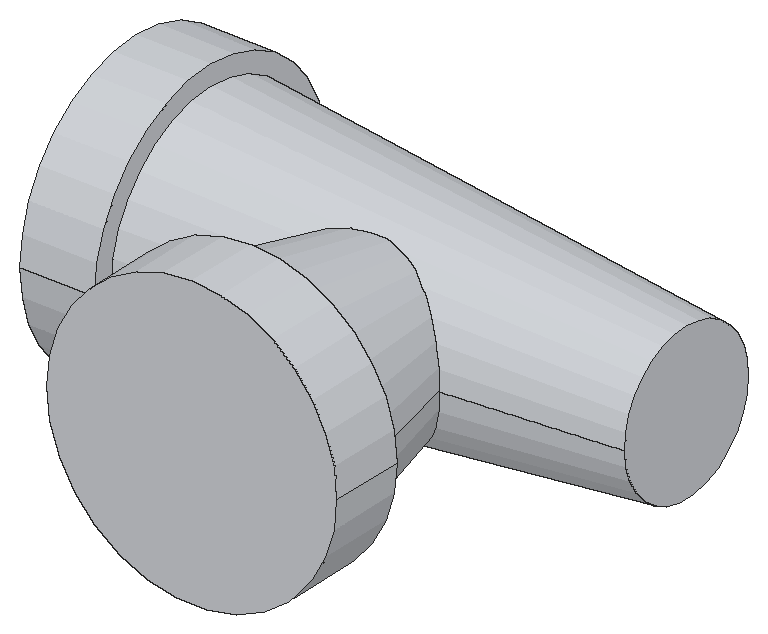
Revit family "M_T macho lateral - Rosqueado - MI - Classe 150", category Conexões de tubo, Revit 2019
Family settings
  Cota do conector redondo = Usar raio
  Tipo de parte = Tê
  Número OmniClass = 23.60.30.11.14
  Título OmniClass = Pipework Fittings
  ID de item do Seek = Tee Street - Threaded - MI - Class 150-0000-CAN-ENU
  Com base no plano de trabalho = Não
  Sempre na vertical = Sim
  Corte com vazios quando carregada = Não
  Compartilhado = Não
Parameters (values of type "Padrão")
  Tamanho da marca de revisão [instance] = Diâmetro externo da conexão 1 * 0.4  # 7.408 mm
  Raio nominal [instance] = 4 mm
  Diâmetro nominal [instance] = Raio nominal * 2  # 8 mm
  Espessura do Metal [instance] = size_lookup(Nome da tabela de pesquisa, "MThk", 0.04 * Diâmetro nominal + 2.183 mm, Diâmetro nominal)  # 2.41 mm
  Método de perda = Coeficiente K da tabela
  Nome da tabela de pesquisa = "M_Tee Street - Threaded - MI - Class 150"
  Tabela de coeficiente K = "T rosqueado"
  C2 Comprimento 1 [instance] = if(and(Ângulo < 90.00°, (Centro ao final - Largura da fita) * tan(Ângulo / 2) < Raio externo da fita), Raio externo da fita / tan(Ângulo / 2), if(and(Ângulo > 90.00°, (Centro ao final - Largura da fita) / abs(tan(Ângulo / 2)) < Raio externo da fita), Raio externo da fita * abs(tan(Ângulo / 2)), Centro até extremidade macho - Comprimento da rosca externa))  # 20 mm
  C1 Comprimento 2 [instance] = if(and(Ângulo < 90.00°, (Centro ao final - Largura da fita) * tan(Ângulo / 2) < Raio externo da fita), Raio externo da fita / tan(Ângulo / 2) + Largura da fita, if(and(Ângulo > 90.00°, (Centro ao final - Largura da fita) / abs(tan(Ângulo / 2)) < Raio externo da fita), Raio externo da fita * abs(tan(Ângulo / 2)) + Largura da fita, Centro ao final))  # 20.6 mm
  C1 Comprimento 1 [instance] = C1 Comprimento 2 - Largura da fita  # 15.1 mm
  Raio externo da conexão 2 [instance] = Diâmetro externo da conexão 2 / 2  # 5.71 mm
  Raio externo da conexão 1 [instance] = Diâmetro externo da conexão 1 / 2  # 9.26 mm
  Diâmetro externo da conexão 2 [instance] = Diâmetro da porta da extremidade macho + Espessura do Metal * 2  # 11.42 mm
  Diâmetro externo da conexão 1 [instance] = Diâmetro interno da conexão + Espessura do Metal * 2  # 18.52 mm
  Diâmetro da porta da extremidade macho [instance] = size_lookup(Nome da tabela de pesquisa, "MEPD", 0.95 * Diâmetro nominal + 1.687 mm, Diâmetro nominal)  # 6.6 mm
  Diâmetro interno da conexão [instance] = size_lookup(Nome da tabela de pesquisa, "FID", 1.08 * Diâmetro nominal + 5.159 mm, Diâmetro nominal)  # 13.7 mm
  Comprimento da rosca externa [instance] = size_lookup(Nome da tabela de pesquisa, "ETL", 0.22 * Diâmetro nominal + 9.723 mm, Diâmetro nominal)  # 10.2 mm
  Centro até extremidade macho [instance] = size_lookup(Nome da tabela de pesquisa, "CtME", 1.21 * Diâmetro nominal + 21.828 mm, Diâmetro nominal)  # 30.2 mm
  Centro ao final [instance] = size_lookup(Nome da tabela de pesquisa, "CtE", 0.78 * Diâmetro nominal + 16.966 mm, Diâmetro nominal)  # 20.6 mm
  Largura da fita [instance] = size_lookup(Nome da tabela de pesquisa, "BWid", 0.12 * Diâmetro nominal + 4.465 mm, Diâmetro nominal)  # 5.5 mm
  Raio externo da fita [instance] = Diâmetro externo da fita / 2  # 10.7 mm
  Diâmetro externo da fita [instance] = size_lookup(Nome da tabela de pesquisa, "BOD", 1.23 * Diâmetro nominal + 12.402 mm, Diâmetro nominal)  # 21.4 mm
  Assembly Code = ""
  Ângulo [instance] = 90.00°
Reference planes
  plane 1 "Centro (Frente/Trás)": y = 0
  plane 2: z = 0
  plane 3 "Centro (Esquerda/Direita)": x = 0
  plane 4: x = -15.1
  plane 5: x = 20
  plane 6: x = -20.6
  plane 7: y = 7.408
  plane 8: y = -7.408
  plane 9: x = -15.1
  plane 10: y = 7.408
  plane 11: y = -7.408
Forms (mm)
  Blend 1, solid, detail levels fine
    base sketch origin (0, 0, 0) x (0, 1, 0) y (0, 0, 1)
      loop
        circle (0, 0) r 9.26
    top sketch origin (0, 0, 0) x (0, 1, 0) y (0, 0, 1)
      loop
        circle (0, 0) r 5.71
    from -15.1 to 20
  Sweep 2, solid, detail levels fine
    path in 3D
      loop
        line (-20.6, 0, 0) -> (-15.1, 0, 0)
    profile origin (-17.85, 0, 0) x (0, 1, 0) y (0, 0, 1)
      loop
        circle (0, 0) r 10.7
  Sweep 3, solid, detail levels fine
    path in 3D
      loop
        line (0, -15.1, 0) -> (0, -20.6, 0)
    profile origin (0, -17.85, 0) x (1, 0, 0) y (0, 0, 1)
      loop
        circle (0, 0) r 10.7
  SweptBlend 4, solid, detail levels fine
    path in 3D
      loop
        line (0, 0, 0) -> (0, -15.1, 0)
    profile origin (0, 0, 0) x (1, 0, 0) y (0, 0, 1)
      loop
        circle (0, 0) r 5.71
    end profile origin (0, -15.1, 0) x (1, 0, 0) y (0, 0, 1)
      loop
        circle (0, 0) r 9.26
Cuts and joins
  joined: Blend 1, Sweep 2, Sweep 3, SweptBlend 4
Lines and regions (mm)
  model lines, detail levels coarse+medium
    curve 1: line (-20.6, 7.408, 0) -> (-20.6, -7.408, 0)
    curve 2: line (20, 7.408, 0) -> (20, -7.408, 0)
    curve 12: line (0, 0, 0) -> (0, -20.6, 0)
    curve 13: line (0, 0, 0) -> (20, 0, 0)
    curve 14: line (0, 0, 0) -> (-20.6, 0, 0)
    curve 15: line (7.408, -20.6, 0) -> (-7.408, -20.6, 0)
  reference lines
    curve 3: line (0, 0, 0) -> (0, -15.1, 0)
    curve 4: line (0, -15.1, 0) -> (0, -20.6, 0)
    curve 5: line (20, 0, 0) -> (25.5, 0, 0)
    curve 6: line (-20.6, 0, 0) -> (-15.1, 0, 0)
    curve 7: line (-20.6, 0, 0) -> (-15.1, 0, 0)
    curve 8: line (17.42, 0, 0) -> (25.5, 0, 0)
    curve 9: line (0, -20.6, 0) -> (0, -15.1, 0)
  sketch lines
    curve 10: line (-20.6, 0, 0) -> (-15.1, 0, 0)
    curve 11: line (0, -15.1, 0) -> (0, -20.6, 0)
    curve 16: line (0, 0, 0) -> (0, -15.1, 0)
Dimensions and locks
  "C1 Comprimento 1": plane 4 to plane 3 "Centro (Esquerda/Direita)"
  "C2 Comprimento 1": plane 3 "Centro (Esquerda/Direita)" to plane 5
  "C1 Comprimento 2": plane 6 to plane 3 "Centro (Esquerda/Direita)"
  equal spacing: plane 7, plane 1 "Centro (Frente/Trás)", plane 8
  "Tamanho da marca de revisão": plane 7 to plane 1 "Centro (Frente/Trás)"
  "C1 Comprimento 1": curve 3 to curve 4
  "Largura da fita": curve 4 to curve 4
  equal spacing: plane 10, plane 1 "Centro (Frente/Trás)", plane 11
  "Tamanho da marca de revisão": plane 10 to plane 1 "Centro (Frente/Trás)"
  "C1 Comprimento 2": curve 12 to curve 12
  equal spacing: curve 15, curve 12, curve 15
  "Tamanho da marca de revisão": curve 12 to curve 15
  "Raio externo da conexão 1": radius of Blend 1 sketch curve
  "Raio externo da conexão 2": radius of Blend 1 sketch curve
  "Raio externo da fita": radius of Sweep 2 sketch curve
  "Raio externo da fita": radius of Sweep 3 sketch curve
  "Raio externo da conexão 2": radius of SweptBlend 4 sketch curve
  "Raio externo da conexão 1": radius of SweptBlend 4 sketch curve
  "Ângulo": angle curve 3 to plane 1 "Centro (Frente/Trás)"
  "Ângulo": angle curve 4 to plane 1 "Centro (Frente/Trás)"
  "Ângulo": angle curve 9 to plane 1 "Centro (Frente/Trás)"
  "Ângulo": angle curve 12 to plane 1 "Centro (Frente/Trás)"
  "Ângulo": angle curve 15 to plane 5
  aligned and locked: plane 7 to curve 1
  aligned and locked: plane 8 to curve 1
  aligned and locked: curve 1 to plane 6
  aligned and locked: plane 3 "Centro (Esquerda/Direita)" to curve 3
  aligned and locked: plane 6 to curve 6
  aligned and locked: plane 4 to curve 6
  aligned and locked: plane 5 to curve 5
  aligned and locked: plane 1 "Centro (Frente/Trás)" to curve 5
  aligned and locked: plane 1 "Centro (Frente/Trás)" to curve 6
  aligned and locked: plane 6 to curve 7
  aligned and locked: plane 9 to curve 7
  aligned and locked: plane 1 "Centro (Frente/Trás)" to curve 7
  aligned and locked: plane 1 "Centro (Frente/Trás)" to curve 8
  aligned and locked: plane 1 "Centro (Frente/Trás)" to Blend 1 sketch curve  (x2)
  aligned and locked: plane 2 to Blend 1 sketch curve  (x2)
  aligned and locked: Blend 1 to plane 4
  aligned and locked: plane 5 to Blend 1
  aligned and locked: plane 1 "Centro (Frente/Trás)" to Sweep 2 sketch curve
  aligned and locked: plane 2 to Sweep 2 sketch curve
  aligned and locked: plane 11 to curve 2
  aligned and locked: plane 10 to curve 2
  aligned and locked: profile plane to Sweep 3 sketch curve  (x2)
  aligned and locked: plane 3 "Centro (Esquerda/Direita)" to curve 12
  aligned and locked: plane 1 "Centro (Frente/Trás)" to curve 12
  aligned and locked: plane 6 to curve 14
  aligned and locked: curve 2 to plane 5
  aligned and locked: profile plane to SweptBlend 4 sketch curve  (x4)
Automatic sketch dimensions
  curve 3 to plane 1 "Centro (Frente/Trás)" = 0 mm
  curve 5 to curve 8 = 5.5 mm
  curve 5 to curve 8 = 0 mm
  curve 8 to plane 5 = 2.58 mm
Connectors
  piping at (-20.6, 0, 0), diameter 8, driven by "Raio nominal"
    settings: on cut or joined group of Blend 1, Sweep 2, Sweep 3, SweptBlend 4, index 1, connector inside diameter 8 mm, connector length 0 mm, flow factor 0, pipe flow 0.0 L/s, pressure drop 0.0 Pa, fitting loss kfactor 0, connector angle 0.00°, fixture units 0, engagement length 0 mm, angle of deflection 0.00°, flow configuration 0, flow direction 0, fitting loss method 0, system type 28, joint type 0, gender type 0, connector reference index 2, connector utility 0, adjustable connector no, is connector primary yes, connector description ""
  piping at (20, 0, 0), diameter 8, driven by "Raio nominal"
    settings: on cut or joined group of Blend 1, Sweep 2, Sweep 3, SweptBlend 4, index 2, connector inside diameter 8 mm, connector length 0 mm, flow factor 0, pipe flow 0.0 L/s, pressure drop 0.0 Pa, fitting loss kfactor 0, connector angle 0.00°, fixture units 0, engagement length 0 mm, angle of deflection 0.00°, flow configuration 0, flow direction 0, fitting loss method 0, system type 28, joint type 0, gender type 0, connector reference index 1, connector utility 0, adjustable connector no, is connector primary no, connector description ""
  piping at (0, -20.6, 0), diameter 8, driven by "Raio nominal", driven by "Ângulo"
    settings: on Sweep 3, index 3, connector inside diameter 8 mm, connector length 0 mm, flow factor 0, pipe flow 0.0 L/s, pressure drop 0.0 Pa, fitting loss kfactor 0, connector angle 90.00°, fixture units 0, engagement length 0 mm, angle of deflection 0.00°, flow configuration 0, flow direction 0, fitting loss method 0, system type 28, joint type 0, gender type 0, connector reference index -1, connector utility 0, adjustable connector no, is connector primary no, connector description ""
